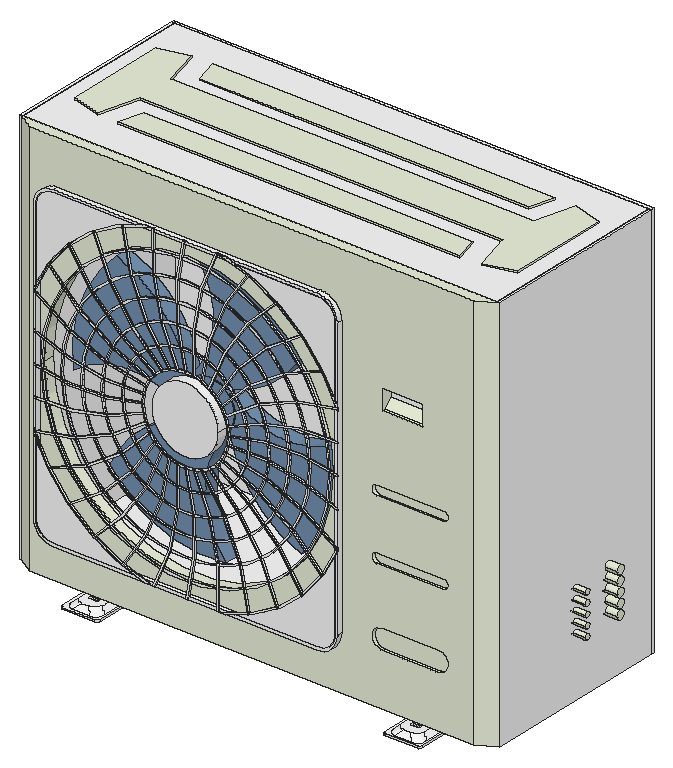
Revit family "M5OE-42HFN8-Q", category Attrezzatura meccanica, Revit 2022
Family settings
  Quota connettore circolare = Usa raggio
  Tipo di parte = Normale
  Numero OmniClass = 23.75.00.00
  Titolo OmniClass = Climate Control (HVAC)
  Basato su piano di lavoro = No
  Sempre verticale = Sì
  Taglio con vuoti quando caricato = No
  Mantieni orientamento annotazione = No
  Condiviso = No
  Punto di calcolo locali = No
Parameters (values of type "P10")
  clearance access right = 600.000 mm
  clearance access left = 300.000 mm
  clearance access front = 2000.000 mm
  clearance access behind = 300.000 mm
  clearance [instance] = no
  Width = 946.000 mm
  Series = ""
  Prospetto di default = 0.000 mm
  Power supply = "220-240V,1Ph, 50/60Hz"
  Net Weight = 74.10 kg
  Modello = "M5OE-42HFN8-Q"
  Minimum Circuit Amps = 22 A
  Min cable selection (power wiring) = "3x4.0 mm2"
  Maximum Fuse Amps = 30 A
  Liquid pipe Radius = 0.5 * Liquid pipe  # 3.175 mm
  Liquid pipe = 6.350 mm
  Installation = "Outdoor installation"
  Height = 810.000 mm
  Gas pipe Radius = 0.5 * Gas pipe  # 4.760 mm
  Gas pipe = 9.520 mm
  Gas = "R32"
  Depth = 410.000 mm
  Condensation = ""
  Compressor = "1"
  Casing color = "SB2098"
  Air Flow = 3850.00 m³/h
Reference planes
  plane 1 "Center (Front/Back)": y = 0
  plane 2: z = 0
  plane 3 "Center (Left/Right)": x = 0
  plane 4: y = 221
  plane 5: y = -189
  plane 6: x = -473
  plane 7: x = 473
  plane 8: z = 406.5
  plane 9: z = 300.608
  plane 10: z = 578.117
  plane 11: z = 810
  plane 12: x = 557
  plane 13: x = -122.998
Forms (mm)
  Extrusion 1, solid, material "Galvanized Steel", detail levels medium+fine
    sketch origin (-463, 0, 789) x (1, 0, 0) y (0, 1, 0)
      loop
        line (-9.739, -159) -> (24.902, -179) -> (901.458, -179) -> (936.099, -159) -> (-9.739, -159)
    from -765 to 21
  Extrusion 2, void
    sketch origin (0, 0, 0) x (1, 0, 0) y (0, 0, 1)
      loop
        circle (-122.999, 406.499) r 286
    from 159 to 199
  Extrusion 3, void
    sketch origin (0, 0, 0) x (0, 1, 0) y (0, 0, 1)
      loop
        line (-199, 592.5) -> (-199, 552.5) -> (-174, 552.5) -> (-159, 567.5) -> (-159, 592.5) -> (-199, 592.5)
    from 258.52 to 338.52
  Extrusion 4, void
    sketch origin (0, 0, 105) x (1, 0, 0) y (0, 0, 1)
      loop
        line (248.678, 292.949) -> (378.678, 292.949)
        arc (378.678, 292.949) -> (388.678, 302.949) -> (378.678, 312.949) r 10
        line (378.678, 312.949) -> (248.678, 312.949)
        arc (248.678, 312.949) -> (238.678, 302.949) -> (248.678, 292.949) r 10
    from 173.155 to 179
  Extrusion 5, void
    sketch origin (0, 0, -15) x (1, 0, 0) y (0, 0, 1)
      loop
        line (248.678, 292.949) -> (378.678, 292.949)
        arc (378.678, 292.949) -> (388.678, 302.949) -> (378.678, 312.949) r 10
        line (378.678, 312.949) -> (248.678, 312.949)
        arc (248.678, 312.949) -> (238.678, 302.949) -> (248.678, 292.949) r 10
    from 173.155 to 179
  Extrusion 6, void
    sketch origin (0, 0, -145) x (1, 0, 0) y (0, 0, 1)
      loop
        line (258.678, 272.949) -> (368.678, 272.949)
        arc (368.678, 272.949) -> (388.678, 292.949) -> (368.678, 312.949) r 20
        line (368.678, 312.949) -> (258.678, 312.949)
        arc (258.678, 312.949) -> (238.678, 292.949) -> (258.678, 272.949) r 20
    from 173.155 to 179
  Extrusion 7, solid, material "Galvanized Steel", detail levels fine
    sketch origin (0, 20, 0) x (1, 0, 0) y (0, 1, 0)
      loop
        line (-436.632, 111.286) -> (-436.632, -88.714) -> (-378.677, -104.243) -> (-357.971, -26.969) -> (0, -26.969) -> (357.971, -26.969) -> (378.677, -104.243) -> (436.632, -88.714) -> (436.632, 111.286) -> (378.677, 126.816) -> (357.971, 49.542) -> (0, 49.542) -> (-357.971, 49.542) -> (-378.677, 126.816) -> (-436.632, 111.286)
      loop
        line (-337.266, 126.816) -> (-324.511, 79.213) -> (0, 79.213) -> (324.511, 79.213) -> (337.266, 126.816) -> (0, 126.816) -> (-337.266, 126.816)
      loop
        line (-337.266, -106.816) -> (0, -106.816) -> (337.266, -106.816) -> (324.511, -59.213) -> (0, -59.213) -> (-324.511, -59.213) -> (-337.266, -106.816)
    from 810 to 813
  Extrusion 8, solid, material "Galvanized Steel", detail levels fine
    sketch origin (0, -81.438, -38.19) x (0, 1, 0) y (0, 0, 1)
      loop
        circle (108.036, 184) r 4.76
    from 463 to 498.33
  Extrusion 9, solid, material "Galvanized Steel", detail levels fine
    sketch origin (0, 0, -35) x (0, 1, 0) y (0, 0, 1)
      loop
        circle (108.036, 184) r 7.95
    from 463 to 498.33
  Extrusion 10, solid, material "Galvanized Steel", detail levels fine
    sketch origin (0, 0, -15) x (0, 1, 0) y (0, 0, 1)
      loop
        circle (108.036, 184) r 7.95
    from 463 to 498.33
  Extrusion 11, solid, material "Galvanized Steel", detail levels fine
    sketch origin (0, 0, 5) x (0, 1, 0) y (0, 0, 1)
      loop
        circle (108.036, 184) r 7.95
    from 463 to 498.33
  Extrusion 12, solid, material "Galvanized Steel", detail levels fine
    sketch origin (0, 0, 25) x (0, 1, 0) y (0, 0, 1)
      loop
        circle (108.036, 184) r 7.95
    from 463 to 498.33
  Extrusion 13, solid, material "Galvanized Steel", detail levels fine
    sketch origin (0, 0, 45) x (0, 1, 0) y (0, 0, 1)
      loop
        circle (108.036, 184) r 7.95
    from 463 to 498.33
  Extrusion 14, solid, material "Galvanized Steel", detail levels fine
    sketch origin (0, -81.438, -18.19) x (0, 1, 0) y (0, 0, 1)
      loop
        circle (108.036, 184) r 4.76
    from 463 to 498.33
  Extrusion 15, solid, material "Galvanized Steel", detail levels fine
    sketch origin (0, -81.438, 1.81) x (0, 1, 0) y (0, 0, 1)
      loop
        circle (108.036, 184) r 4.76
    from 463 to 498.33
  Extrusion 16, solid, material "Galvanized Steel", detail levels fine
    sketch origin (0, -81.438, 21.81) x (0, 1, 0) y (0, 0, 1)
      loop
        circle (108.036, 184) r 4.76
    from 463 to 498.33
  Extrusion 17, solid, material "Galvanized Steel", detail levels fine
    sketch origin (0, -81.438, 41.81) x (0, 1, 0) y (0, 0, 1)
      loop
        circle (108.036, 184) r 4.76
    from 463 to 498.33
Cuts and joins
  Extrusion 2, Extrusion 3, Extrusion 4, Extrusion 5, Extrusion 6 cuts Extrusion 1
Lines and regions (mm)
  model lines, detail levels fine
    curve 1: line (208, -179, 789) -> (208, -179, 24)
  model lines
    curve 2: line (-473, 221, 810) -> (-473, -159, 810)
    curve 3: line (473, 221, 810) -> (-473, 221, 810)
    curve 4: line (473, -159, 810) -> (473, 221, 810)
    curve 5: line (-473, -159, 810) -> (473, -159, 810)
    curve 6: line (-473, 221, 24) -> (-473, -159, 24)
    curve 7: line (473, 221, 24) -> (-473, 221, 24)
    curve 8: line (473, -159, 24) -> (473, 221, 24)
    curve 9: line (-473, -159, 24) -> (473, -159, 24)
    curve 10: line (-473, -159, 810) -> (-473, -159, 24)
    curve 11: line (473, -159, 24) -> (473, -159, 810.026)
    curve 12: line (473, 221, 810) -> (473, 221, 24)
    curve 13: line (-473, 221, 24) -> (-473, 221, 810)
Dimensions and locks
  aligned and locked: level to plane 2
Nested families
  nested 1: "pingban-HXL" at (-473, 221, 24), type "pingban-HXL", detail levels medium+fine
    with Width 946.000 mm, Height 786.000 mm, Depth 5.000 mm
  nested 2: "pingban-HXL" at (-473, -159, 24) x (0, 1, 0) z (0, 0, 1), type "pingban-HXL", detail levels medium+fine
    with Width 375.000 mm, Height 786.000 mm, Depth 5.000 mm
  nested 3: "pingban-HXL" at (473, 216, 24) x (0, -1, 0) z (0, 0, 1), type "pingban-HXL", detail levels medium+fine
    with Width 375.000 mm, Height 786.000 mm, Depth 5.000 mm
  nested 4: "xiaodijia2" at (318, 20, 0), type "xiaodijia2", detail levels medium+fine
  nested 5: "xiaodijia2" at (-318, 20, 0), type "xiaodijia2", detail levels medium+fine
  nested 6: "pingban-HXL" at (-468, 216, 24), type "pingban-HXL", detail levels medium+fine
    with Width 936.000 mm, Height 5.000 mm, Depth 375.000 mm
  nested 7: "pingban-HXL" at (-468, 216, 805), type "pingban-HXL", detail levels medium+fine
    with Width 936.000 mm, Height 5.000 mm, Depth 375.000 mm
  nested 8: "service space" at (-473, 221, 0), visible <- "clearance", type "Midea Service  Space"
    with Width 1030.000 mm, Height 810.000 mm, Depth 300.000 mm
  nested 9: "service space" at (557, -189, 0), visible <- "clearance", type "Midea Service  Space"
    with Width 600.000 mm, Height 810.000 mm, Depth 410.000 mm
  nested 10: "service space" at (-773, -189, 0), visible <- "clearance", type "Midea Service  Space"
    with Width 300.000 mm, Height 810.000 mm, Depth 410.000 mm
  nested 11: "service space" at (-479, -2189, 0), visible <- "clearance", type "Midea Service  Space"
    with Width 1036.000 mm, Height 810.000 mm, Depth 2000.000 mm
  nested 12: "fengkou300（fangxing2）" at (-123, -189, 406.5) x (1, 0, 0) z (0, 1, 0), type "fengkou300（fangxing2）", detail levels medium+fine
  nested 13: "fengshan270" at (-122.996, -100, 406.5) x (0, 0, 1) z (0, -1, 0), type "fengshan270", detail levels fine
Connectors
  piping at (498.33, 26.598, 145.81), diameter 6.35, driven by "Liquid pipe Radius"
    settings: on Extrusion 8, index 1, connector inside diameter 1/4", connector length 0.000 mm, flow factor 0, pipe flow 0 GPM, pressure drop 0.00 psi, fitting loss kfactor 0, connector angle 0.00°, fixture units 0, engagement length 0.000 mm, angle of deflection 0.00°, flow configuration 0, flow direction 0, fitting loss method 0, system type 7, joint type 0, gender type 0, connector reference index -1, connector utility 0, adjustable connector no, is connector primary no, connector description "Liquid pipe"
  piping at (498.33, 108.036, 149), diameter 9.52, driven by "Gas pipe Radius"
    settings: on Extrusion 9, index 2, connector inside diameter 0.3748", connector length 0.000 mm, flow factor 0, pipe flow 0 GPM, pressure drop 0.00 psi, fitting loss kfactor 0, connector angle 0.00°, fixture units 0, engagement length 0.000 mm, angle of deflection 0.00°, flow configuration 0, flow direction 0, fitting loss method 0, system type 7, joint type 0, gender type 0, connector reference index -1, connector utility 0, adjustable connector no, is connector primary yes, connector description "Gas pipe"
  electrical at (298.52, -159, 580)
    settings: on cut or joined group of Extrusion 1, Extrusion 2, Extrusion 3, Extrusion 4, Extrusion 5, Extrusion 6, index 3, voltage 220 V, apparent load 0 VA, apparent load phase1 0 VA, apparent load phase2 0 VA, apparent load phase3 0 VA, power factor 1, load classification "HVAC", number of poles 1, system type 30, power factor state 1, is connector primary yes, connector utility no, sub classification motor no, connector description "Power supply"
  piping at (498.33, 26.598, 165.81), diameter 6.35, driven by "Liquid pipe Radius"
    settings: on Extrusion 14, index 4, connector inside diameter 1/4", connector length 0.000 mm, flow factor 0, pipe flow 0 GPM, pressure drop 0.00 psi, fitting loss kfactor 0, connector angle 0.00°, fixture units 0, engagement length 0.000 mm, angle of deflection 0.00°, flow configuration 0, flow direction 0, fitting loss method 0, system type 7, joint type 0, gender type 0, connector reference index -1, connector utility 0, adjustable connector no, is connector primary no, connector description ""
  piping at (498.33, 26.598, 185.81), diameter 6.35, driven by "Liquid pipe Radius"
    settings: on Extrusion 15, index 5, connector inside diameter 1/4", connector length 0.000 mm, flow factor 0, pipe flow 0 GPM, pressure drop 0.00 psi, fitting loss kfactor 0, connector angle 0.00°, fixture units 0, engagement length 0.000 mm, angle of deflection 0.00°, flow configuration 0, flow direction 0, fitting loss method 0, system type 7, joint type 0, gender type 0, connector reference index -1, connector utility 0, adjustable connector no, is connector primary no, connector description ""
  piping at (498.33, 26.598, 205.81), diameter 6.35, driven by "Liquid pipe Radius"
    settings: on Extrusion 16, index 6, connector inside diameter 1/4", connector length 0.000 mm, flow factor 0, pipe flow 0 GPM, pressure drop 0.00 psi, fitting loss kfactor 0, connector angle 0.00°, fixture units 0, engagement length 0.000 mm, angle of deflection 0.00°, flow configuration 0, flow direction 0, fitting loss method 0, system type 7, joint type 0, gender type 0, connector reference index -1, connector utility 0, adjustable connector no, is connector primary no, connector description ""
  piping at (498.33, 26.598, 225.81), diameter 6.35, driven by "Liquid pipe Radius"
    settings: on Extrusion 17, index 7, connector inside diameter 1/4", connector length 0.000 mm, flow factor 0, pipe flow 0 GPM, pressure drop 0.00 psi, fitting loss kfactor 0, connector angle 0.00°, fixture units 0, engagement length 0.000 mm, angle of deflection 0.00°, flow configuration 0, flow direction 0, fitting loss method 0, system type 7, joint type 0, gender type 0, connector reference index -1, connector utility 0, adjustable connector no, is connector primary no, connector description ""
  piping at (498.33, 108.036, 169), diameter 9.52, driven by "Gas pipe Radius"
    settings: on Extrusion 10, index 8, connector inside diameter 0.3748", connector length 0.000 mm, flow factor 0, pipe flow 0 GPM, pressure drop 0.00 psi, fitting loss kfactor 0, connector angle 0.00°, fixture units 0, engagement length 0.000 mm, angle of deflection 0.00°, flow configuration 0, flow direction 0, fitting loss method 0, system type 7, joint type 0, gender type 0, connector reference index -1, connector utility 0, adjustable connector no, is connector primary no, connector description ""
  piping at (498.33, 108.036, 189), diameter 9.52, driven by "Gas pipe Radius"
    settings: on Extrusion 11, index 9, connector inside diameter 0.3748", connector length 0.000 mm, flow factor 0, pipe flow 0 GPM, pressure drop 0.00 psi, fitting loss kfactor 0, connector angle 0.00°, fixture units 0, engagement length 0.000 mm, angle of deflection 0.00°, flow configuration 0, flow direction 0, fitting loss method 0, system type 7, joint type 0, gender type 0, connector reference index -1, connector utility 0, adjustable connector no, is connector primary no, connector description ""
  piping at (498.33, 108.036, 209), diameter 9.52, driven by "Gas pipe Radius"
    settings: on Extrusion 12, index 10, connector inside diameter 0.3748", connector length 0.000 mm, flow factor 0, pipe flow 0 GPM, pressure drop 0.00 psi, fitting loss kfactor 0, connector angle 0.00°, fixture units 0, engagement length 0.000 mm, angle of deflection 0.00°, flow configuration 0, flow direction 0, fitting loss method 0, system type 7, joint type 0, gender type 0, connector reference index -1, connector utility 0, adjustable connector no, is connector primary no, connector description ""
  piping at (498.33, 108.036, 229), diameter 12.7
    settings: on Extrusion 13, index 11, connector inside diameter 1/2", connector length 0.000 mm, flow factor 0, pipe flow 0 GPM, pressure drop 0.00 psi, fitting loss kfactor 0, connector angle 0.00°, fixture units 0, engagement length 0.000 mm, angle of deflection 0.00°, flow configuration 0, flow direction 0, fitting loss method 0, system type 7, joint type 0, gender type 0, connector reference index -1, connector utility 0, adjustable connector no, is connector primary no, connector description ""
Definition of nested family "pingban-HXL"
  Parameters
    Width [instance] = 65.000 mm
    Series = ""
    Default Elevation = 0.000 mm
    Machine material = none
    Installation = ""
    Height [instance] = 100.000 mm
    Gas = ""
    Depth [instance] = 5.000 mm
    Condensation = ""
  Reference planes
    plane 1 "Center (Front/Back)": y = 0
    plane 2: z = 0
    plane 3 "Center (Left/Right)": x = 0
    plane 4: z = 160
    plane 5: x = 65
  Forms (mm)
    Extrusion 1, solid, material <- "Machine material"
      sketch origin (0, 0, 0) x (1, 0, 0) y (0, 0, 1)
        loop
          line (0, 100) -> (0, 0) -> (65, 0) -> (65, 100) -> (0, 100)
      from 0 to 5
  Dimensions and locks
    "Width": Extrusion 1 to plane 3 "Center (Left/Right)"
    "Height": Extrusion 1 to level
    "Depth": Extrusion 1 to plane 1 "Center (Front/Back)"
    aligned and locked: level to plane 2
  Automatic sketch dimensions
    Extrusion 1 sketch curve to plane 3 "Center (Left/Right)" = 0.000 mm
    Extrusion 1 sketch curve to level = 0.000 mm
    Extrusion 1 sketch curve to plane 5 = 0.000 mm
    Extrusion 1 sketch curve to plane 4 = 60.000 mm
Definition of nested family "xiaodijia2"
  Parameters
    Default Elevation = 0.000 mm
  Reference planes
    plane 1 "Center (Front/Back)": y = 0
    plane 2: z = 0
    plane 3 "Center (Left/Right)": x = 0
    plane 4: y = 227
    plane 5: x = -36.5
    plane 6: x = 36.5
    plane 7: z = 12
    plane 8: z = 3
    plane 9: z = 24
    plane 10: y = -20
    plane 11: y = 20
    plane 12: x = 21.5
    plane 13: x = -21.5
    plane 14: y = 190
    plane 15: y = -190
    plane 16: x = -6
    plane 17: x = 6
    plane 18: y = -186
    plane 19: y = -194
  Forms (mm)
    Blend 1, solid
      base sketch origin (0, 0, 0) x (1, 0, 0) y (0, 1, 0)
        loop
          line (6.5, 212) -> (-6.5, 212)
          arc (-6.5, 212) -> (-17.107, 207.607) -> (-21.5, 197) r 15
          line (-21.5, 197) -> (-21.5, -197)
          arc (-21.5, -197) -> (-17.107, -207.607) -> (-6.5, -212) r 15
          line (-6.5, -212) -> (6.5, -212)
          arc (6.5, -212) -> (17.107, -207.607) -> (21.5, -197) r 15
          line (21.5, -197) -> (21.5, 197)
          arc (21.5, 197) -> (17.107, 207.607) -> (6.5, 212) r 15
      top sketch origin (0, 0, 0) x (1, 0, 0) y (0, 1, 0)
        loop
          line (26.5, 222) -> (-26.5, 222)
          arc (-26.5, 222) -> (-30.036, 220.536) -> (-31.5, 217) r 5
          line (-31.5, 217) -> (-31.5, -207)
          arc (-31.5, -207) -> (-27.107, -217.607) -> (-16.5, -222) r 15
          line (-16.5, -222) -> (16.5, -222)
          arc (16.5, -222) -> (27.107, -217.607) -> (31.5, -207) r 15
          line (31.5, -207) -> (31.5, 217)
          arc (31.5, 217) -> (30.036, 220.536) -> (26.5, 222) r 5
      from 12 to 3
    Blend 2, void
      base sketch origin (0, 0, 0) x (1, 0, 0) y (0, 1, 0)
        loop
          line (6.5, 202) -> (-6.5, 202)
          arc (-6.5, 202) -> (-10.036, 200.536) -> (-11.5, 197) r 5
          line (-11.5, 197) -> (-11.5, -197)
          arc (-11.5, -197) -> (-10.036, -200.536) -> (-6.5, -202) r 5
          line (-6.5, -202) -> (6.5, -202)
          arc (6.5, -202) -> (10.036, -200.536) -> (11.5, -197) r 5
          line (11.5, -197) -> (11.5, 197)
          arc (11.5, 197) -> (10.036, 200.536) -> (6.5, 202) r 5
      top sketch origin (0, 0, 0) x (1, 0, 0) y (0, 1, 0)
        loop
          line (31.5, -207) -> (31.5, 217)
          arc (31.5, 217) -> (30.036, 220.536) -> (26.5, 222) r 5
          line (26.5, 222) -> (-26.5, 222)
          arc (-26.5, 222) -> (-30.036, 220.536) -> (-31.5, 217) r 5
          line (-31.5, 217) -> (-31.5, -207)
          arc (-31.5, -207) -> (-27.107, -217.607) -> (-16.5, -222) r 15
          line (-16.5, -222) -> (16.5, -222)
          arc (16.5, -222) -> (27.107, -217.607) -> (31.5, -207) r 15
      from 8.355 to 3
    Extrusion 3, solid
      sketch origin (0, 0, 0) x (1, 0, 0) y (0, 1, 0)
        loop
          arc (-31.5, 227) -> (-35.036, 225.536) -> (-36.5, 222) r 5
          line (-36.5, 222) -> (-36.5, -222)
          arc (-36.5, -222) -> (-35.036, -225.536) -> (-31.5, -227) r 5
          line (-31.5, -227) -> (31.5, -227)
          arc (31.5, -227) -> (35.036, -225.536) -> (36.5, -222) r 5
          line (36.5, -222) -> (36.5, 222)
          arc (36.5, 222) -> (35.036, 225.536) -> (31.5, 227) r 5
          line (31.5, 227) -> (-31.5, 227)
        loop
          arc (-26.5, 222) -> (-30.036, 220.536) -> (-31.5, 217) r 5
          line (-31.5, 217) -> (-31.5, -207)
          arc (-31.5, -207) -> (-27.107, -217.607) -> (-16.5, -222) r 15
          line (-16.5, -222) -> (16.5, -222)
          arc (16.5, -222) -> (27.107, -217.607) -> (31.5, -207) r 15
          line (31.5, -207) -> (31.5, 217)
          arc (31.5, 217) -> (30.036, 220.536) -> (26.5, 222) r 5
          line (26.5, 222) -> (-26.5, 222)
      from 0 to 3
    Extrusion 4, solid
      sketch origin (0, 0, 0) x (0, 1, 0) y (0, 0, 1)
        loop
          arc (-19.275, 24) -> (-19.902, 23.667) -> (-20.264, 23.056) r 1.312
          line (-20.264, 23.056) -> (-22.833, 13.434)
          arc (-22.833, 13.434) -> (-23.437, 12.605) -> (-24.266, 12) r 3.318
          line (-24.266, 12) -> (24.266, 12)
          arc (24.266, 12) -> (23.437, 12.605) -> (22.833, 13.434) r 3.318
          line (22.833, 13.434) -> (20.264, 23.056)
          arc (20.264, 23.056) -> (19.902, 23.667) -> (19.275, 24) r 1.312
          line (19.275, 24) -> (-19.275, 24)
      from -21.5 to 21.5
    Extrusion 5, solid
      sketch origin (0, 150, 0) x (0, 1, 0) y (0, 0, 1)
        loop
          arc (-19.275, 24) -> (-19.902, 23.667) -> (-20.264, 23.056) r 1.312
          line (-20.264, 23.056) -> (-22.833, 13.434)
          arc (-22.833, 13.434) -> (-23.437, 12.605) -> (-24.266, 12) r 3.318
          line (-24.266, 12) -> (24.266, 12)
          arc (24.266, 12) -> (23.437, 12.605) -> (22.833, 13.434) r 3.318
          line (22.833, 13.434) -> (20.264, 23.056)
          arc (20.264, 23.056) -> (19.902, 23.667) -> (19.275, 24) r 1.312
          line (19.275, 24) -> (-19.275, 24)
      from -21.5 to 21.5
    Extrusion 6, solid
      sketch origin (0, -150, 0) x (0, 1, 0) y (0, 0, 1)
        loop
          arc (-19.275, 24) -> (-19.902, 23.667) -> (-20.264, 23.056) r 1.312
          line (-20.264, 23.056) -> (-22.833, 13.434)
          arc (-22.833, 13.434) -> (-23.437, 12.605) -> (-24.266, 12) r 3.318
          line (-24.266, 12) -> (24.266, 12)
          arc (24.266, 12) -> (23.437, 12.605) -> (22.833, 13.434) r 3.318
          line (22.833, 13.434) -> (20.264, 23.056)
          arc (20.264, 23.056) -> (19.902, 23.667) -> (19.275, 24) r 1.312
          line (19.275, 24) -> (-19.275, 24)
      from -21.5 to 21.5
    Extrusion 7, void
      sketch origin (0, 0, 0) x (1, 0, 0) y (0, 1, 0)
        loop
          arc (-6, -186) -> (-10, -190) -> (-6, -194) r 4
          line (-6, -194) -> (6, -194)
          arc (6, -194) -> (10, -190) -> (6, -186) r 4
          line (6, -186) -> (-6, -186)
        loop
          line (-6, 186) -> (6, 186)
          arc (6, 186) -> (10, 190) -> (6, 194) r 4
          line (6, 194) -> (-6, 194)
          arc (-6, 194) -> (-10, 190) -> (-6, 186) r 4
      from 0 to 20
  Cuts and joins
    Blend 2, Extrusion 7 cuts Blend 1
  Dimensions and locks
    aligned and locked: level to plane 2
Definition of nested family "service space"
  Parameters
    Width [instance] = 500.000 mm
    Default Elevation = 0.000 mm
    Height [instance] = 500.000 mm
    Depth [instance] = 500.000 mm
  Reference planes
    plane 1 "Center (Front/Back)": y = 0
    plane 2: z = 0
    plane 3 "Center (Left/Right)": x = 0
    plane 4: z = 500
    plane 5: y = 500
    plane 6: x = 500
  Forms (mm)
    Extrusion 1, solid
      sketch origin (0, 0, 0) x (1, 0, 0) y (0, 1, 0)
        loop
          line (0, 500) -> (0, 0) -> (500, 0) -> (500, 500) -> (0, 500)
      from 0 to 500
  Dimensions and locks
    "Width": plane 3 "Center (Left/Right)" to plane 6
    "Depth": plane 5 to plane 1 "Center (Front/Back)"
    "Height": level to plane 4
    aligned and locked: level to plane 2
    aligned and locked: plane 5 to Extrusion 1
    aligned and locked: Extrusion 1 to plane 6
    aligned and locked: Extrusion 1 to plane 3 "Center (Left/Right)"
    aligned and locked: plane 1 "Center (Front/Back)" to Extrusion 1
    aligned and locked: Extrusion 1 to plane 4
  Automatic sketch dimensions
    Extrusion 1 sketch curve to plane 3 "Center (Left/Right)" = 0.000 mm
    plane 1 "Center (Front/Back)" to Extrusion 1 sketch curve = 0.000 mm
    Extrusion 1 sketch curve to plane 6 = 0.000 mm
    Extrusion 1 sketch curve to plane 5 = 0.000 mm
Definition of nested family "fengkou300（fangxing2）"
  Parameters
    Series = ""
    Default Elevation = 0.000 mm
    Machine material = none
    Installation = ""
    Gas = ""
    Condensation = ""
  Reference planes
    plane 1 "Center (Front/Back)": y = 0
    plane 2: z = 0
    plane 3 "Center (Left/Right)": x = 0
    plane 4: y = 316
    plane 5: y = -316
    plane 6: x = -300
    plane 7: x = 300
    plane 8: through (306.104, -306.102, 1219.2) normal (-0.7071, -0.7071, 0)
    plane 9: through (-306.478, -306.479, 1219.2) normal (0.7071, -0.7071, 0)
  Forms (mm)
    Extrusion 1, solid, material <- "Machine material"
      sketch origin (0, 0, 0) x (1, 0, 0) y (0, 1, 0)
        loop
          arc (-260, 316) -> (-288.284, 304.284) -> (-300, 276) r 40
          line (-300, 276) -> (-300, -276)
          arc (-300, -276) -> (-288.284, -304.284) -> (-260, -316) r 40
          line (-260, -316) -> (260, -316)
          arc (260, -316) -> (288.284, -304.284) -> (300, -276) r 40
          line (300, -276) -> (300, 276)
          arc (300, 276) -> (288.284, 304.284) -> (260, 316) r 40
          line (260, 316) -> (-260, 316)
        loop
          line (260, 311) -> (-260, 311)
          arc (-260, 311) -> (-284.749, 300.749) -> (-295, 276) r 35
          line (-295, 276) -> (-295, -276)
          arc (-295, -276) -> (-284.749, -300.749) -> (-260, -311) r 35
          line (-260, -311) -> (260, -311)
          arc (260, -311) -> (284.749, -300.749) -> (295, -276) r 35
          line (295, -276) -> (295, 276)
          arc (295, 276) -> (284.749, 300.749) -> (260, 311) r 35
      from 0 to 10
    Extrusion 2, solid, material <- "Machine material"
      sketch origin (-1059.446, 0, 0) x (1, 0, 0) y (0, 1, 0)
        loop
          arc (1057.944, 325.999) -> (1075.678, 204.494) -> (1057.944, 82.989) r 425.111
          line (1057.944, 82.989) -> (1060.944, 82.989)
          arc (1060.944, 82.989) -> (1079.329, 204.494) -> (1060.944, 325.999) r 410.684
          line (1060.944, 325.999) -> (1057.944, 325.999)
        loop
          arc (1060.948, -325.999) -> (1043.214, -204.494) -> (1060.948, -82.989) r 425.111
          line (1060.948, -82.989) -> (1057.948, -82.989)
          arc (1057.948, -82.989) -> (1039.562, -204.494) -> (1057.948, -325.999) r 410.684
          line (1057.948, -325.999) -> (1060.948, -325.999)
        loop
          arc (1385.445, 1.502) -> (1263.939, -16.232) -> (1142.434, 1.502) r 425.111
          line (1142.434, 1.502) -> (1142.434, -1.498)
          arc (1142.434, -1.498) -> (1263.939, -19.884) -> (1385.445, -1.498) r 410.684
          line (1385.445, -1.498) -> (1385.445, 1.502)
        loop
          arc (733.447, -1.502) -> (854.952, 16.232) -> (976.457, -1.502) r 425.111
          line (976.457, -1.502) -> (976.457, 1.498)
          arc (976.457, 1.498) -> (854.952, 19.884) -> (733.447, 1.498) r 410.684
          line (733.447, 1.498) -> (733.447, -1.502)
        loop
          arc (1288.9, 231.578) -> (1215.522, 133.121) -> (1117.065, 59.744) r 425.111
          line (1117.065, 59.744) -> (1119.187, 57.623)
          arc (1119.187, 57.623) -> (1218.105, 130.539) -> (1291.021, 229.457) r 410.684
          line (1291.021, 229.457) -> (1288.9, 231.578)
        loop
          arc (829.992, -231.578) -> (903.369, -133.121) -> (1001.826, -59.744) r 425.111
          line (1001.826, -59.744) -> (999.705, -57.623)
          arc (999.705, -57.623) -> (900.787, -130.539) -> (827.871, -229.457) r 410.684
          line (827.871, -229.457) -> (829.992, -231.578)
        loop
          arc (1291.024, -229.454) -> (1192.567, -156.077) -> (1119.19, -57.62) r 425.111
          line (1119.19, -57.62) -> (1117.068, -59.741)
          arc (1117.068, -59.741) -> (1189.985, -158.659) -> (1288.903, -231.575) r 410.684
          line (1288.903, -231.575) -> (1291.024, -229.454)
        loop
          arc (827.868, 229.454) -> (926.325, 156.077) -> (999.702, 57.62) r 425.111
          line (999.702, 57.62) -> (1001.823, 59.741)
          arc (1001.823, 59.741) -> (928.907, 158.659) -> (829.989, 231.575) r 410.684
          line (829.989, 231.575) -> (827.868, 229.454)
        loop
          arc (1182.812, 301.758) -> (1152.699, 182.716) -> (1089.816, 77.246) r 425.111
          line (1089.816, 77.246) -> (1092.588, 76.098)
          arc (1092.588, 76.098) -> (1156.072, 181.318) -> (1185.584, 300.61) r 410.684
          line (1185.584, 300.61) -> (1182.812, 301.758)
        loop
          arc (936.079, -301.758) -> (966.193, -182.716) -> (1029.075, -77.246) r 425.111
          line (1029.075, -77.246) -> (1026.304, -76.098)
          arc (1026.304, -76.098) -> (962.819, -181.318) -> (933.308, -300.61) r 410.684
          line (933.308, -300.61) -> (936.079, -301.758)
        loop
          arc (1361.204, -123.366) -> (1242.162, -93.253) -> (1136.692, -30.371) r 425.111
          line (1136.692, -30.371) -> (1135.544, -33.142)
          arc (1135.544, -33.142) -> (1240.764, -96.626) -> (1360.056, -126.138) r 410.684
          line (1360.056, -126.138) -> (1361.204, -123.366)
        loop
          arc (757.687, 123.366) -> (876.73, 93.253) -> (982.199, 30.371) r 425.111
          line (982.199, 30.371) -> (983.347, 33.142)
          arc (983.347, 33.142) -> (878.127, 96.626) -> (758.835, 126.138) r 410.684
          line (758.835, 126.138) -> (757.687, 123.366)
        loop
          arc (1360.054, 126.142) -> (1254.585, 63.26) -> (1135.542, 33.146) r 425.111
          line (1135.542, 33.146) -> (1136.69, 30.375)
          arc (1136.69, 30.375) -> (1255.982, 59.886) -> (1361.203, 123.37) r 410.684
          line (1361.203, 123.37) -> (1360.054, 126.142)
        loop
          arc (758.837, -126.142) -> (864.307, -63.26) -> (983.349, -33.146) r 425.111
          line (983.349, -33.146) -> (982.201, -30.375)
          arc (982.201, -30.375) -> (862.909, -59.886) -> (757.689, -123.37) r 410.684
          line (757.689, -123.37) -> (758.837, -126.142)
        loop
          arc (1185.588, -300.609) -> (1122.706, -195.139) -> (1092.592, -76.097) r 425.111
          line (1092.592, -76.097) -> (1089.82, -77.245)
          arc (1089.82, -77.245) -> (1119.332, -196.537) -> (1182.816, -301.757) r 410.684
          line (1182.816, -301.757) -> (1185.588, -300.609)
        loop
          arc (933.304, 300.609) -> (996.186, 195.139) -> (1026.3, 76.097) r 425.111
          line (1026.3, 76.097) -> (1029.071, 77.245)
          arc (1029.071, 77.245) -> (999.56, 196.537) -> (936.075, 301.757) r 410.684
          line (936.075, 301.757) -> (933.304, 300.609)
        loop
          arc (1121.572, 320.028) -> (1115.261, 197.398) -> (1074.163, 81.687) r 425.111
          line (1074.163, 81.687) -> (1077.105, 81.102)
          arc (1077.105, 81.102) -> (1118.842, 196.685) -> (1124.514, 319.443) r 410.684
          line (1124.514, 319.443) -> (1121.572, 320.028)
        loop
          arc (997.32, -320.028) -> (1003.631, -197.398) -> (1044.729, -81.687) r 425.111
          line (1044.729, -81.687) -> (1041.786, -81.102)
          arc (1041.786, -81.102) -> (1000.049, -196.685) -> (994.378, -319.443) r 410.684
          line (994.378, -319.443) -> (997.32, -320.028)
        loop
          arc (1379.474, -62.126) -> (1256.843, -55.815) -> (1141.133, -14.717) r 425.111
          line (1141.133, -14.717) -> (1140.548, -17.659)
          arc (1140.548, -17.659) -> (1256.131, -59.396) -> (1378.888, -65.068) r 410.684
          line (1378.888, -65.068) -> (1379.474, -62.126)
        loop
          arc (739.418, 62.126) -> (862.048, 55.815) -> (977.759, 14.717) r 425.111
          line (977.759, 14.717) -> (978.344, 17.659)
          arc (978.344, 17.659) -> (862.761, 59.396) -> (740.003, 65.068) r 410.684
          line (740.003, 65.068) -> (739.418, 62.126)
        loop
          arc (1329.669, 182.364) -> (1238.494, 100.114) -> (1127.614, 47.355) r 425.111
          line (1127.614, 47.355) -> (1129.28, 44.861)
          arc (1129.28, 44.861) -> (1240.523, 97.078) -> (1331.336, 179.87) r 410.684
          line (1331.336, 179.87) -> (1329.669, 182.364)
        loop
          arc (789.222, -182.364) -> (880.397, -100.114) -> (991.278, -47.355) r 425.111
          line (991.278, -47.355) -> (989.611, -44.861)
          arc (989.611, -44.861) -> (878.369, -97.078) -> (787.556, -179.87) r 410.684
          line (787.556, -179.87) -> (789.222, -182.364)
        loop
          arc (1241.81, -270.223) -> (1159.56, -179.048) -> (1106.801, -68.168) r 425.111
          line (1106.801, -68.168) -> (1104.306, -69.835)
          arc (1104.306, -69.835) -> (1156.524, -181.077) -> (1239.316, -271.89) r 410.684
          line (1239.316, -271.89) -> (1241.81, -270.223)
        loop
          arc (877.082, 270.223) -> (959.332, 179.048) -> (1012.091, 68.168) r 425.111
          line (1012.091, 68.168) -> (1014.585, 69.835)
          arc (1014.585, 69.835) -> (962.368, 181.077) -> (879.576, 271.89) r 410.684
          line (879.576, 271.89) -> (877.082, 270.223)
        loop
          arc (1239.312, 271.893) -> (1186.553, 161.012) -> (1104.303, 69.837) r 425.111
          line (1104.303, 69.837) -> (1106.797, 68.17)
          arc (1106.797, 68.17) -> (1189.589, 158.984) -> (1241.806, 270.226) r 410.684
          line (1241.806, 270.226) -> (1239.312, 271.893)
        loop
          arc (879.58, -271.893) -> (932.339, -161.012) -> (1014.589, -69.837) r 425.111
          line (1014.589, -69.837) -> (1012.094, -68.17)
          arc (1012.094, -68.17) -> (929.303, -158.984) -> (877.085, -270.226) r 410.684
          line (877.085, -270.226) -> (879.58, -271.893)
        loop
          arc (1331.338, -179.866) -> (1220.458, -127.107) -> (1129.283, -44.857) r 425.111
          line (1129.283, -44.857) -> (1127.616, -47.351)
          arc (1127.616, -47.351) -> (1218.429, -130.143) -> (1329.672, -182.361) r 410.684
          line (1329.672, -182.361) -> (1331.338, -179.866)
        loop
          arc (787.553, 179.866) -> (898.434, 127.107) -> (989.609, 44.857) r 425.111
          line (989.609, 44.857) -> (991.275, 47.351)
          arc (991.275, 47.351) -> (900.462, 130.143) -> (789.22, 182.361) r 410.684
          line (789.22, 182.361) -> (787.553, 179.866)
        loop
          arc (1378.887, 65.072) -> (1263.177, 23.975) -> (1140.547, 17.664) r 425.111
          line (1140.547, 17.664) -> (1141.132, 14.721)
          arc (1141.132, 14.721) -> (1263.889, 20.393) -> (1379.473, 62.13) r 410.684
          line (1379.473, 62.13) -> (1378.887, 65.072)
        loop
          arc (740.004, -65.072) -> (855.715, -23.975) -> (978.345, -17.664) r 425.111
          line (978.345, -17.664) -> (977.76, -14.721)
          arc (977.76, -14.721) -> (855.002, -20.393) -> (739.419, -62.13) r 410.684
          line (739.419, -62.13) -> (740.004, -65.072)
        loop
          arc (1124.518, -319.442) -> (1083.42, -203.731) -> (1077.109, -81.101) r 425.111
          line (1077.109, -81.101) -> (1074.167, -81.686)
          arc (1074.167, -81.686) -> (1079.839, -204.444) -> (1121.576, -320.027) r 410.684
          line (1121.576, -320.027) -> (1124.518, -319.442)
        loop
          arc (994.373, 319.442) -> (1035.471, 203.731) -> (1041.782, 81.101) r 425.111
          line (1041.782, 81.101) -> (1044.725, 81.686)
          arc (1044.725, 81.686) -> (1039.053, 204.444) -> (997.316, 320.027) r 410.684
          line (997.316, 320.027) -> (994.373, 319.442)
      from 0 to 2
    Extrusion 3, solid, material <- "Machine material"
      sketch origin (-1059.446, 0, 0) x (1, 0, 0) y (0, 1, 0)
        loop
          circle (1059.448, 0) r 65
      from 0 to 20
    Extrusion 4, solid, material <- "Machine material"
      sketch origin (0, 0, 0) x (1, 0, 0) y (0, 1, 0)
        loop
          circle (0, 0.002) r 326
        loop
          circle (0, 0.002) r 323
        loop
          circle (0, 0.002) r 286
        loop
          circle (0, 0.002) r 283
        loop
          circle (0, 0.002) r 246
        loop
          circle (0, 0.002) r 243
        loop
          circle (0, 0.002) r 206
        loop
          circle (0, 0.002) r 203
        loop
          circle (0, 0.002) r 166
        loop
          circle (0, 0.002) r 163
        loop
          circle (0, 0.002) r 126
        loop
          circle (0, 0.002) r 123
        loop
          circle (0, 0.002) r 86
        loop
          circle (0, 0.002) r 83
      from 0 to 2
    Extrusion 5, void
      sketch origin (0, 0, 0) x (1, 0, 0) y (0, 1, 0)
        loop
          line (260, 316) -> (-260, 316)
          arc (-260, 316) -> (-288.284, 304.284) -> (-300, 276) r 40
          line (-300, 276) -> (-300, -276)
          arc (-300, -276) -> (-288.284, -304.284) -> (-260, -316) r 40
          line (-260, -316) -> (260, -316)
          arc (260, -316) -> (288.284, -304.284) -> (300, -276) r 40
          line (300, -276) -> (300, 276)
          arc (300, 276) -> (288.284, 304.284) -> (260, 316) r 40
        loop
          arc (-260, 416) -> (-358.995, 374.995) -> (-400, 276) r 140
          line (-400, 276) -> (-400, -276)
          arc (-400, -276) -> (-358.995, -374.995) -> (-260, -416) r 140
          line (-260, -416) -> (260, -416)
          arc (260, -416) -> (358.995, -374.995) -> (400, -276) r 140
          line (400, -276) -> (400, 276)
          arc (400, 276) -> (358.995, 374.995) -> (260, 416) r 140
          line (260, 416) -> (-260, 416)
      from 0 to 250
    Extrusion 6, solid, material <- "Machine material"
      sketch origin (0, 0, 0) x (1, 0, 0) y (0, 1, 0)
        loop
          line (-97.757, 311) -> (-260, 311)
          arc (-260, 311) -> (-284.749, 300.749) -> (-295, 276) r 35
          line (-295, 276) -> (-295, 138.75)
          arc (-295, 138.75) -> (-214.434, 245.551) -> (-97.757, 311) r 326
        loop
          arc (-295, -276) -> (-284.749, -300.749) -> (-260, -311) r 35
          line (-260, -311) -> (-97.743, -311)
          arc (-97.743, -311) -> (-214.429, -245.551) -> (-295, -138.746) r 326
          line (-295, -138.746) -> (-295, -276)
        loop
          arc (260, -311) -> (284.749, -300.749) -> (295, -276) r 35
          line (295, -276) -> (295, -138.746)
          arc (295, -138.746) -> (214.429, -245.551) -> (97.743, -311) r 326
          line (97.743, -311) -> (260, -311)
        loop
          arc (295, 276) -> (284.749, 300.749) -> (260, 311) r 35
          line (260, 311) -> (97.757, 311)
          arc (97.757, 311) -> (214.434, 245.551) -> (295, 138.75) r 326
          line (295, 138.75) -> (295, 276)
      from 0 to 2
  Cuts and joins
    Extrusion 5 cuts Extrusion 1
    Extrusion 5 cuts Extrusion 2
    Extrusion 5 cuts Extrusion 4
  Dimensions and locks
    aligned and locked: level to plane 2
Definition of nested family "fengshan270"
  Parameters
    Default Elevation = 0.000 mm
  Reference planes
    plane 1 "Center (Front/Back)": y = 0
    plane 2: z = 0
    plane 3 "Center (Left/Right)": x = 0
  Forms (mm)
    Extrusion 1, solid
      sketch origin (0, 0, 0) x (1, 0, 0) y (0, 1, 0)
        loop
          circle (0, 0) r 50
      from 0 to 30
    Extrusion 2, solid
      sketch origin (-20, 0, 0) x (0, -1, 0) y (1, 0, 0)
        loop
          arc (32.105, 288.084) -> (-94.042, 273.093) -> (-199.371, 202.075) r 270
          arc (-199.371, 202.075) -> (-134.798, 110.882) -> (-35, 60.622) r 231.205
          arc (-35, 60.622) -> (0, 70) -> (35, 60.622) r 70
          arc (35, 60.622) -> (-8.793, 173.814) -> (32.105, 288.084) r 173.918
      from 0 to 30
    Extrusion 3, solid
      sketch origin (20, 0, 0) x (0, 1, 0) y (-1, 0, 0)
        loop
          arc (32.105, 288.084) -> (-94.042, 273.093) -> (-199.371, 202.075) r 270
          arc (-199.371, 202.075) -> (-134.798, 110.882) -> (-35, 60.622) r 231.205
          arc (-35, 60.622) -> (0, 70) -> (35, 60.622) r 70
          arc (35, 60.622) -> (-8.793, 173.814) -> (32.105, 288.084) r 173.918
      from 0 to 30
    Extrusion 4, solid
      sketch origin (0, 0, 0) x (1, 0, 0) y (0, 1, 0)
        loop
          arc (32.105, 268.084) -> (-94.042, 253.093) -> (-199.371, 182.075) r 270
          arc (-199.371, 182.075) -> (-134.798, 90.882) -> (-35, 40.622) r 231.205
          arc (-35, 40.622) -> (0, 50) -> (35, 40.622) r 70
          arc (35, 40.622) -> (-8.793, 153.814) -> (32.105, 268.084) r 173.918
        loop
          arc (199.371, -182.075) -> (134.798, -90.882) -> (35, -40.622) r 231.205
          arc (35, -40.622) -> (0, -50) -> (-35, -40.622) r 70
          arc (-35, -40.622) -> (8.793, -153.814) -> (-32.105, -268.084) r 173.918
          arc (-32.105, -268.084) -> (94.042, -253.093) -> (199.371, -182.075) r 270
      from 0 to 30
  Dimensions and locks
    aligned and locked: level to plane 2
